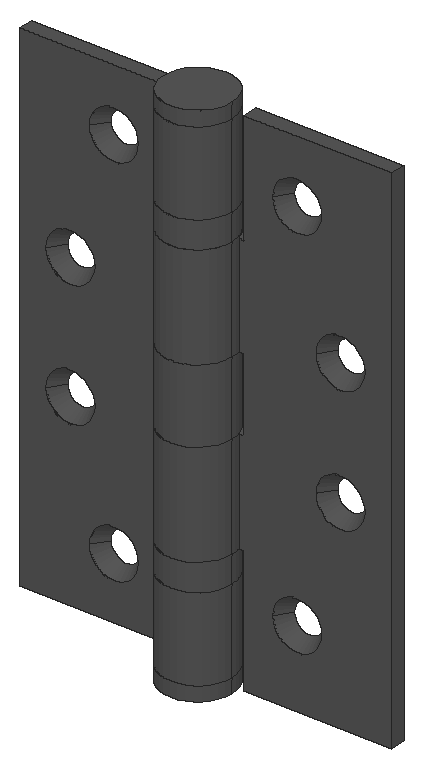
Revit family "ALMA-Harriet_Door_Butt_Hinge", category Specialty Equipment, Revit 2026
Family settings
  Round Connector Dimension = Use Diameter
  Part Type = Normal
  Work Plane-Based = Yes
  Enable Cutting in Views = Yes
  Always vertical = Yes
  Cut with Voids When Loaded = No
  Maintain Annotation Orientation = No
  Shared = No
  Room Calculation Point = No
Parameters (values of type "MATTE BLACK")
  Material = BM_MATTE BLACK
  Default Elevation = 1219.2 mm
Types (4, lengths in mm): name | Material
  (no name) | BM_MATTE BLACK
  BRUSHED NICKEL | BM_NICKEL
  BRUSHED ANTIQUE BRASS | BM_ANTIQUE BRASS
  MATTE BLACK | BM_MATTE BLACK
Reference planes
  plane 1 "Center (Front/Back)": y = 0
  plane 2: z = 0
  plane 3 "Center (Left/Right)": x = 0
  plane 4: x = 37.825
  plane 5: x = -37.825
  plane 6: y = -6.982
  plane 7: y = 2.018
  plane 8: y = 5.058
  plane 9: z = 104.972
  plane 10: z = 92.172
  plane 11: z = 66.672
  plane 12: z = 41.172
  plane 13: z = 15.672
Forms (mm)
  Extrusion 1, solid, material "BM_MATTE BLACK" <- "Material"
    sketch origin (0, 0, 0) x (1, 0, 0) y (0, 1, 0)
      loop
        circle (0, 0) r 7
    from 0 to 3
  Extrusion 2, solid, material "BM_MATTE BLACK" <- "Material"
    sketch origin (0, 0, 3) x (1, 0, 0) y (0, 1, 0)
      loop
        circle (0, 0) r 7
    from 0 to 17
  Extrusion 3, solid, material "BM_MATTE BLACK" <- "Material"
    sketch origin (0, 0, 20) x (1, 0, 0) y (0, 1, 0)
      loop
        circle (0, 0) r 7
    from 0 to 5.5
  Extrusion 4, solid, material "BM_MATTE BLACK" <- "Material"
    sketch origin (0, 0, 25.5) x (1, 0, 0) y (0, 1, 0)
      loop
        circle (0, 0) r 7
    from 0 to 21
  Extrusion 5, solid, material "BM_MATTE BLACK" <- "Material"
    sketch origin (0, 0, 46) x (1, 0, 0) y (0, 1, 0)
      loop
        circle (0, 0) r 7
    from 0.5 to 15.5
  Extrusion 6, solid, material "BM_MATTE BLACK" <- "Material"
    sketch origin (0, 0, 61.5) x (1, 0, 0) y (0, 1, 0)
      loop
        circle (0, 0) r 7
    from 0 to 21
  Extrusion 7, solid, material "BM_MATTE BLACK" <- "Material"
    sketch origin (0, 0, 82.172) x (1, 0, 0) y (0, 1, 0)
      loop
        circle (0, 0) r 7
    from 0.328 to 5.8
  Extrusion 8, solid, material "BM_MATTE BLACK" <- "Material"
    sketch origin (0, 0, 87.672) x (1, 0, 0) y (0, 1, 0)
      loop
        circle (0, 0) r 7
    from 0.3 to 17.3
  Extrusion 9, solid, material "BM_MATTE BLACK" <- "Material"
    sketch origin (0, 0, 0) x (1, 0, 0) y (0, 0, 1)
      loop
        line (37.825, 104.972) -> (7.825, 104.972) -> (7.825, 82.172) -> (0, 82.172) -> (0, 61.5) -> (7.825, 61.5) -> (7.825, 46.5) -> (0, 46.5) -> (0, 25.5) -> (7.825, 25.5) -> (7.825, 0) -> (37.825, 0) -> (37.825, 104.972)
    from -5.058 to -2.018
  Extrusion 10, solid, material "BM_MATTE BLACK" <- "Material"
    sketch origin (0, 0, 0) x (-1, 0, 0) y (0, 0, -1)
      loop
        line (37.825, -104.972) -> (37.825, -3) -> (0, -3) -> (0, -20) -> (7.825, -20) -> (7.825, -87.972) -> (0, -87.972) -> (0, -104.972) -> (37.825, -104.972)
    from -5.058 to -2.018
  Extrusion 11, solid, material "BM_MATTE BLACK" <- "Material"
    sketch origin (0, 0, 104.972) x (1, 0, 0) y (0, 1, 0)
      loop
        circle (0, 0) r 7
    from 0 to 3
  SweptBlend 12, void
    path origin (18.669, 0, 0.3) x (0, 1, 0) y (0, 0, 1)
      loop
        line (2.018, 91.872) -> (5.058, 91.872)
    profile origin (18.669, 2.018, 92.172) x (0, 0, 1) y (1, 0, 0)
      loop
        circle (0, 0) r 5
    end profile origin (18.669, 5.058, 92.172) x (0, 0, 1) y (1, 0, 0)
      loop
        circle (0, 0) r 3.1
  SweptBlend 13, void
    path origin (27.512, 0, -25.2) x (0, 1, 0) y (0, 0, 1)
      loop
        line (2.018, 91.872) -> (5.058, 91.872)
    profile origin (27.512, 2.018, 66.672) x (0, 0, 1) y (1, 0, 0)
      loop
        circle (0, 0) r 5
    end profile origin (27.512, 5.058, 66.672) x (0, 0, 1) y (1, 0, 0)
      loop
        circle (0, 0) r 3.1
  SweptBlend 14, void
    path origin (27.512, 0, -50.7) x (0, 1, 0) y (0, 0, 1)
      loop
        line (2.018, 91.872) -> (5.058, 91.872)
    profile origin (27.512, 2.018, 41.172) x (0, 0, 1) y (1, 0, 0)
      loop
        circle (0, 0) r 5
    end profile origin (27.512, 5.058, 41.172) x (0, 0, 1) y (1, 0, 0)
      loop
        circle (0, 0) r 3.1
  SweptBlend 15, void
    path origin (18.669, 0, -76.2) x (0, 1, 0) y (0, 0, 1)
      loop
        line (2.018, 91.872) -> (5.058, 91.872)
    profile origin (18.669, 2.018, 15.672) x (0, 0, 1) y (1, 0, 0)
      loop
        circle (0, 0) r 5
    end profile origin (18.669, 5.058, 15.672) x (0, 0, 1) y (1, 0, 0)
      loop
        circle (0, 0) r 3.1
  SweptBlend 16, void
    path origin (-18.669, 0, 0.3) x (0, 1, 0) y (0, 0, -1)
      loop
        line (2.018, -91.872) -> (5.058, -91.872)
    profile origin (-18.669, 2.018, 92.172) x (0, 0, -1) y (-1, 0, 0)
      loop
        circle (0, 0) r 5
    end profile origin (-18.669, 5.058, 92.172) x (0, 0, -1) y (-1, 0, 0)
      loop
        circle (0, 0) r 3.1
  SweptBlend 17, void
    path origin (-27.512, 0, -25.2) x (0, 1, 0) y (0, 0, -1)
      loop
        line (2.018, -91.872) -> (5.058, -91.872)
    profile origin (-27.512, 2.018, 66.672) x (0, 0, -1) y (-1, 0, 0)
      loop
        circle (0, 0) r 5
    end profile origin (-27.512, 5.058, 66.672) x (0, 0, -1) y (-1, 0, 0)
      loop
        circle (0, 0) r 3.1
  SweptBlend 18, void
    path origin (-27.512, 0, -50.7) x (0, 1, 0) y (0, 0, -1)
      loop
        line (2.018, -91.872) -> (5.058, -91.872)
    profile origin (-27.512, 2.018, 41.172) x (0, 0, -1) y (-1, 0, 0)
      loop
        circle (0, 0) r 5
    end profile origin (-27.512, 5.058, 41.172) x (0, 0, -1) y (-1, 0, 0)
      loop
        circle (0, 0) r 3.1
  SweptBlend 19, void
    path origin (-18.669, 0, -76.2) x (0, 1, 0) y (0, 0, -1)
      loop
        line (2.018, -91.872) -> (5.058, -91.872)
    profile origin (-18.669, 2.018, 15.672) x (0, 0, -1) y (-1, 0, 0)
      loop
        circle (0, 0) r 5
    end profile origin (-18.669, 5.058, 15.672) x (0, 0, -1) y (-1, 0, 0)
      loop
        circle (0, 0) r 3.1
Cuts and joins
  SweptBlend 12, SweptBlend 13, SweptBlend 14, SweptBlend 15, SweptBlend 16, SweptBlend 17, SweptBlend 18, SweptBlend 19 cuts Extrusion 4
  SweptBlend 12, SweptBlend 13, SweptBlend 14, SweptBlend 15, SweptBlend 16, SweptBlend 17, SweptBlend 18, SweptBlend 19 cuts Extrusion 6
  SweptBlend 12, SweptBlend 13, SweptBlend 14, SweptBlend 15, SweptBlend 16, SweptBlend 17, SweptBlend 18, SweptBlend 19 cuts Extrusion 9
  joined: Extrusion 4, Extrusion 6, Extrusion 9
  SweptBlend 16, SweptBlend 17, SweptBlend 18, SweptBlend 19 cuts Extrusion 10
  joined: Extrusion 2, Extrusion 8, Extrusion 10
Text (mm)
  text "Refer to www.buildmat.com.au for the most current product literature. \nAllow a +/- 5mm tolerance for dimensions shown in the product literature. \nPlease note product details are subject to change due to ongoing product development." at (-23.416, -50.097, 0), in view "Ref. Level"
Dimensions and locks
  aligned and locked: level to plane 2
